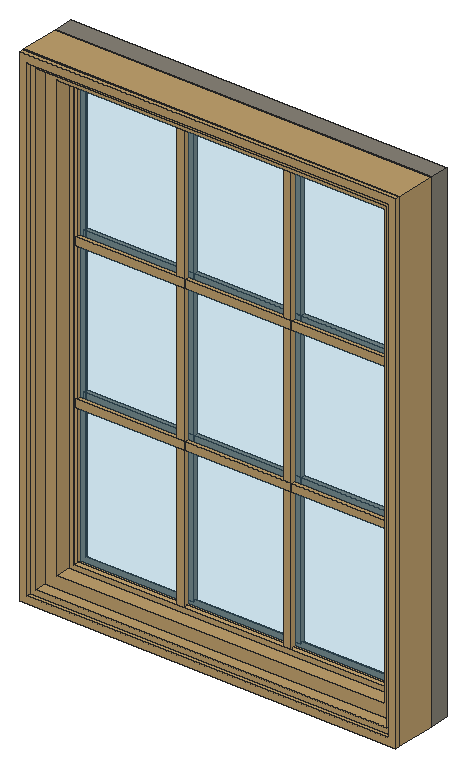
Revit family
Parameters (values of type "CUPCA3648")
  Window Type = "Clad Ultimate Push Out Casement"
  Vent Area = VO Width * VO Height  # 8.42878 SF
  VO Width = if(Width < 1' 8", Width - 0' 9 19/32", Width - 0' 7 7/64")  # 2' - 4 57/64"
  VO Height = Height - 0' 5 29/256"  # 3' - 6 3/256"
  URL = "www.marvin.com"
  Prairie Corner Width = 0' - 4"
  Prairie Corner Height = 0' - 4"
  Plan Swing Angle [instance] = 15.00°
  Swing Width = Width - 0' 2 3/8"  # 2' - 9 5/8"
  Nominal Width = 3' - 0"
  Nominal Height = 4' - 0"
  Muntins Interior Material = Wood-Marvin-Pine
  Muntins Exterior Material = Aluminum-Marvin-Bronze
  Model = "CUPCA3648"
  Manufacturer = "Marvin Windows and Doors"
  Lites Wide Constraint = if(Nominal Width > 1' 4", Lites Wide, if(Lites Wide < 2, 1, 2))  # 3
  Lites Wide = 3
  Lites High Constraint = if(Nominal Height > 1' 4", Lites High, if(Lites High < 2, 1, 2))  # 3
  Lites High = 3
  Lite Cut Prairie 9 Constraint = if(and(Nominal Width > 1' 4", Nominal Height > 1' 4"), Lite Cut Prairie 9, 1 = 0)  # no
  Lite Cut Prairie 9 = no
  Lite Cut HV Grid = not(Lite Cut Prairie 9 Constraint)  # yes
  Label Visibility = no
  Label Egress = if(and(and(VO Width > 1' 8", VO Height > 2' 0"), Vent Area > 5.70 SF), "EGRESS WDW", "")  # "EGRESS WDW"
  Interior Material = Wood-Marvin-Pine
  Glazing Material = Glass-Marvin-IG Low E II with Argon
  Glass Type = "IG Low E II with Argon"
  Frame = "Aluminum Clad"
  Family created by = "www.rbuiltcomponents.com"
  Elev Swing RH Visibility [instance] = yes
  Elev Swing LH Visibility [instance] = no
  Rough Width = Width + 0' 1"  # 3' - 1"
  Rough Height = Height + 0' 0 1/2"  # 3' - 11 5/8"
  Plan Swing RH Visibility [instance] = yes
  Plan Swing LH Visibility [instance] = no
  Muntins Interior Visibility = yes
  Muntins Exterior Visibility = yes
  Jamb Extension Visibility = yes
  Inset to Installation Flange [instance] = 0' - 1"
  Height = Nominal Height - 0' 0 7/8"  # 3' - 11 1/8"
  Egress Window = "Yes"
  Design Pressure = "DP50"
  Description = "3648 CSMT"
  Default Head Height = 8' - 0"
  Wall Closure = (empty or 0)
  Width = Nominal Width  # 3' - 0"
  Daylight Area = DLO Width * DLO Height  # 8.66056 SF
  DLO Width = Width - 0' 5 13/16"  # 2' - 6 3/16"
  DLO Height = Height - 0' 5 13/16"  # 3' - 5 5/16"
  Cladding Material = Aluminum-Marvin-Bronze
  Assembly Code = ""
  Note To User = "All Lite Constraints Apply To Nominal Widths Or Heights < 1 - 6"  # constant formula
Reference planes (in)
  plane 1 "Center (Front/Back)": y = 0
  plane 2: z = 0
  plane 3 "Center (Left/Right)": x = -3
  plane 4 "Left": x = -21
  plane 5 "Right": x = 15
  plane 6 "Sill": z = 48.875
  plane 7 "Top": z = 96
  plane 8 "Inset": y = 2
  plane 9 "Glazing": y = 1.25
  plane 10 "Jamb Ext Face": y = -2.5625
  plane 11: z = 72.4375
  plane 12: y = -2.625
Forms (in)
  Sweep 1, solid, material "Aluminum-Marvin-Bronze" <- "Cladding Material"
    path origin (0, 1.25, 0) x (1, 0, 0) y (0, 0, 1)
      loop
        line (-21, 96) -> (-21, 48.875) -> (15, 48.875) -> (15, 96) -> (-21, 96)
    profile "Profile_Ext_Clad_Frame : Profile_Ext_Clad_Frame" origin (-21, 1.25, 72.4375) x (1, 0, 0) y (0, -1, 0)
      loop
        line (0, 0) -> (0, -1.84401) -> (0.52105, -1.84401) -> (0.62315, -0.38401) -> (2.696, -0.38401) -> (2.696, -0.2654) -> (2.896, -0.0654) -> (2.896, 0) -> (0, 0)
  Sweep 2, solid, material "Wood-Marvin-Pine" <- "Interior Material"
    path origin (0, 1.25, 0) x (1, 0, 0) y (0, 0, 1)
      loop
        line (-21, 96) -> (-21, 48.875) -> (15, 48.875) -> (15, 96) -> (-21, 96)
    profile "Profile_Int_Frame : Profile_Int_Frame" origin (-21, 1.25, 72.4375) x (1, 0, 0) y (0, -1, 0)
      loop
        line (0, 0) -> (2.208, 0) -> (2.208, 0.75299) -> (2.896, 0.75299) -> (2.896, 0.94965) -> (2.7085, 1.13715) -> (2.7085, 1.23699) -> (2.30184, 1.23699) -> (2.30184, 2.71113) -> (1.188, 2.71113) -> (1.188, 3.81199) -> (0, 3.81199) -> (0, 0)
  Extrusion 3, solid, material "Wood-Marvin-Pine" <- "Interior Material", visible <- "Jamb Extension Visibility", detail levels medium+fine
    sketch origin (0, -2.5625, 0) x (1, 0, 0) y (0, 0, 1)
      loop
        line (-21, 96) -> (-21, 48.875) -> (15, 48.875) -> (15, 96) -> (-21, 96)
      loop
        line (-20.3125, 49.5625) -> (14.3125, 49.5625) -> (14.3125, 95.3125) -> (-20.3125, 95.3125) -> (-20.3125, 49.5625)
    from 0.0625 to 0.4375
  Extrusion 4, solid, material "Glass-Marvin-IG Low E II with Argon" <- "Glazing Material"
    sketch origin (0, 1.25, 0) x (1, 0, 0) y (0, 0, 1)
      loop
        line (12.65625, 93.65625) -> (-18.65625, 93.65625) -> (-18.65625, 51.21875) -> (12.65625, 51.21875) -> (12.65625, 93.65625)
    from 0 to 0.125
  Extrusion 5, solid, material "Glass-Marvin-IG Low E II with Argon" <- "Glazing Material"
    sketch origin (0, 1.25, 0) x (1, 0, 0) y (0, 0, 1)
      loop
        line (12.65625, 93.65625) -> (-18.65625, 93.65625) -> (-18.65625, 51.21875) -> (12.65625, 51.21875) -> (12.65625, 93.65625)
    from 0.625 to 0.75
Lines and regions (in)
  Opening 1
    outline origin (-60, -3, 0) x (1, 0, 0) y (0, 0, 1)
      loop
        line (39, 96) -> (39, 48.875) -> (75, 48.875) -> (75, 96) -> (39, 96)
  Masking region 1
    outline origin (0, 0, 48.875) x (0, -1, 0) y (1, 0, 0)
      loop
        line (-3.09401, -21) -> (2.5625, -21) -> (2.5625, 15) -> (-3.09401, 15) -> (-3.09401, -21)
  Masking region 2
    outline origin (-3, 0, 0) x (0, 1, 0) y (0, 0, 1)
      loop
        line (3.09401, 96) -> (-2.5625, 96) -> (-2.5625, 48.875) -> (3.09401, 48.875) -> (3.09401, 96)
  Masking region 3, visible <- "Jamb Extension Visibility"
    outline origin (0, 0, 0) x (1, 0, 0) y (0, 1, 0)
      loop
        line (-21, -2.625) -> (-21, -3) -> (15, -3) -> (15, -2.625) -> (-21, -2.625)
  Masking region 4, visible <- "Jamb Extension Visibility"
    outline origin (-3, 0, 0) x (0, 1, 0) y (0, 0, 1)
      loop
        line (-2.625, 96) -> (-3, 96) -> (-3, 48.875) -> (-2.625, 48.875) -> (-2.625, 96)
  symbolic lines, style "Jamb Extension", visible <- "Jamb Extension Visibility", detail levels fine
    curve 1: line (-21, -3, 48.875) -> (-20.3125, -3, 48.875)
    curve 2: line (-20.3125, -3, 48.875) -> (-20.3125, -2.625, 48.875)
    curve 3: line (15, -3, 48.875) -> (14.3125, -3, 48.875)
    curve 4: line (14.3125, -3, 48.875) -> (14.3125, -2.625, 48.875)
    curve 5: line (-3, -3, 95.3125) -> (-3, -2.625, 95.3125)
    curve 6: line (-3, -3, 49.5625) -> (-3, -2.625, 49.5625)
  symbolic lines, style "WindowsFrameMullionProjection", detail levels coarse+medium
    curve 7: line (15, -2.5625, 0) -> (13.812, -2.5625, 0)
    curve 8: line (13.812, -2.5625, 0) -> (13.812, 3.09401, 0)
    curve 9: line (13.812, 3.09401, 0) -> (15, 3.09401, 0)
    curve 10: line (13.812, 1.63401, 0) -> (12.104, 1.63401, 0)
    curve 11: line (12.104, 1.63401, 0) -> (12.104, 0.01301, 0)
    curve 12: line (-19.812, 0.01301, 0) -> (-18.13337, 0.01301, 0)
    curve 13: line (-21, -2.5625, 0) -> (-19.812, -2.5625, 0)
    curve 14: line (-19.812, -2.5625, 0) -> (-19.812, 3.09401, 0)
    curve 15: line (-19.812, 3.09401, 0) -> (-21, 3.09401, 0)
    curve 16: line (-18.13337, 1.63401, 0) -> (-18.13337, 0.01301, 0)
    curve 17: line (-3, 3.09401, 96) -> (-3, 3.09401, 94.812)
    curve 18: line (-3, 3.09401, 94.812) -> (-3, -2.5625, 94.812)
    curve 19: line (-3, -2.5625, 94.812) -> (-3, -2.5625, 96)
    curve 20: line (-3, 1.63401, 94.812) -> (-3, 1.63401, 93.104)
    curve 21: line (-3, 1.63401, 93.104) -> (-3, 0.00901, 93.104)
    curve 22: line (-3, 0.00901, 50.063) -> (-3, 0.00901, 51.771)
    curve 23: line (-3, 3.09401, 48.875) -> (-3, 3.09401, 50.063)
    curve 24: line (-3, 3.09401, 50.063) -> (-3, -2.5625, 50.063)
    curve 25: line (-3, -2.5625, 50.063) -> (-3, -2.5625, 48.875)
    curve 26: line (-3, 1.63401, 51.771) -> (-3, 0.00901, 51.771)
    curve 29: line (12.104, 1.63401, 0) -> (-18.13337, 1.63401, 0)
    curve 30: line (12.104, 0.01301, 0) -> (13.812, 0.01301, 0)
    curve 31: line (-18.13337, 0.01301, 0) -> (12.104, 0.01301, 0)
    curve 32: line (-18.13337, 1.63401, 0) -> (-19.812, 1.63401, 0)
    curve 33: line (-3, 0.00901, 51.771) -> (-3, 0.00901, 93.104)
    curve 34: line (-3, 1.63401, 51.771) -> (-3, 1.63401, 50.063)
    curve 35: line (-3, 0.00901, 93.104) -> (-3, 0.00901, 94.812)
    curve 36: line (-3, 1.63401, 93.104) -> (-3, 1.63401, 51.771)
  symbolic lines, style "WindowsGlassProjection", detail levels coarse+medium
    curve 27: line (-3, 0.82151, 93.104) -> (-3, 0.82151, 51.771)
    curve 28: line (-18.13337, 0.82351, 0) -> (12.104, 0.82351, 0)
  symbolic lines, style "Elevation Swing", visible <- "Elev Swing LH Visibility"
    curve 37: line (-20.37685, 0, 95.37685) -> (14.37685, 0, 72.4375)
    curve 38: line (14.37685, 0, 72.4375) -> (-20.37685, 0, 49.49815)
  symbolic lines, style "Elevation Swing", visible <- "Elev Swing RH Visibility"
    curve 39: line (14.37685, 0, 95.37685) -> (-20.37685, 0, 72.4375)
    curve 40: line (-20.37685, 0, 72.4375) -> (14.37685, 0, 49.49815)
  symbolic lines, style "WindowsFrameMullionProjection"
    curve 41: line (-3, -2.5625, 50.063) -> (-3, -2.5625, 94.812)
    curve 42: line (-19.812, -2.5625, 48.875) -> (13.812, -2.5625, 48.875)
  symbolic lines, style "WindowsFrameMullionProjection", visible <- "Jamb Extension Visibility", detail levels coarse+medium
    curve 43: line (-20.3125, -2.625, 48.875) -> (-20.3125, -3, 48.875)
    curve 44: line (-20.3125, -3, 48.875) -> (-21, -3, 48.875)
    curve 45: line (14.3125, -2.625, 48.875) -> (14.3125, -3, 48.875)
    curve 46: line (14.3125, -3, 48.875) -> (15, -3, 48.875)
    curve 49: line (-3, -2.625, 95.3125) -> (-3, -3, 95.3125)
    curve 50: line (-3, -3, 95.3125) -> (-3, -3, 96)
    curve 51: line (-3, -2.625, 49.5625) -> (-3, -3, 49.5625)
    curve 52: line (-3, -3, 49.5625) -> (-3, -3, 48.875)
  symbolic lines, style "Jamb Extension", visible <- "Jamb Extension Visibility"
    curve 47: line (-3, -3, 49.5625) -> (-3, -3, 48.875)
    curve 48: line (-3, -3, 95.3125) -> (-3, -3, 96)
  symbolic lines, style "Elevation Swing", visible <- "Plan Swing RH Visibility"
    curve 53: line (-19.812, 1.63401, 0) -> (12.66726, 10.3368, 0)
    curve 54: arc (13.812, 1.63401, 0) -> (13.52459, 6.02289, 0) -> (12.66726, 10.3368, 0) r 33.65337
  symbolic lines, style "Elevation Swing", visible <- "Plan Swing LH Visibility"
    curve 55: line (13.812, 1.63401, 0) -> (-18.66726, 10.3368, 0)
    curve 56: arc (-19.812, 1.63401, 0) -> (-19.52459, 6.02289, 0) -> (-18.66726, 10.3368, 0) r 33.65337
Text (in)
  text "EXTERIOR" at (-58.6888, 50.90694, 0), in view "Ref. Level"
  text "INTERIOR" at (-58.6888, -37.76638, 0), in view "Ref. Level"
  text "Exterior" at (0, 43.65631, 123.19604), in view "Left"
  text "Exterior" at (0, 18.29385, 125.04747), in view "Right"
Dimensions and locks (in)
  equal spacing: plane 4 "Left", plane 3 "Center (Left/Right)", plane 5 "Right"
  "Width": plane 4 "Left" to plane 5 "Right"
  "Height": plane 6 "Sill" to plane 7 "Top"
  "Inset to Installation Flange": host wall to plane 8 "Inset"
  locked: plane 9 "Glazing" to plane 8 "Inset" at 0.75
  locked: plane 10 "Jamb Ext Face" to plane 8 "Inset" at 4.5625
  locked: Extrusion 4 sketch curve to plane 5 "Right" at 2.34375
  locked: plane 4 "Left" to Extrusion 4 sketch curve at 2.34375
  locked: Extrusion 4 sketch curve to plane 7 "Top" at 2.34375
  locked: plane 6 "Sill" to Extrusion 4 sketch curve at 2.34375
  plane 8 "Inset" to curve 20 to curve 35 = 0' - 0.36599", 0' - 1 5/8"
  equal spacing: curve 30, curve 10, plane 8 "Inset"
  locked: nested 3 to plane 9 "Glazing" at 0.75
  equal spacing: plane 6 "Sill", plane 11, plane 7 "Top"
  "Default Head Height": plane 2 to plane 7 "Top"
  locked: Extrusion 3 sketch curve to Extrusion 3 sketch curve at 0.6875  (x2)
  locked: Sweep 2 to Extrusion 3 sketch curve at 0.6875
  locked: plane 7 "Top" to Extrusion 3 sketch curve at 0.6875
  locked: nested 5 to host wall at 12.00106
  locked: Extrusion 5 sketch curve to plane 7 "Top" at 2.34375
  locked: Extrusion 5 sketch curve to plane 5 "Right" at 2.34375
  locked: plane 6 "Sill" to Extrusion 5 sketch curve at 2.34375
  locked: plane 4 "Left" to Extrusion 5 sketch curve at 2.34375
  locked: plane 9 "Glazing" to Extrusion 4 at 0.125
  locked: plane 9 "Glazing" to Extrusion 5 at 0.625
  locked: plane 9 "Glazing" to Extrusion 5 at 0.75
  locked: Extrusion 5 to Extrusion 5 at 0.125
  "Swing Width": curve 56 to curve 55
  "Swing Width": curve 54 to curve 53
  locked: plane 12 to plane 10 "Jamb Ext Face" at 0.0625
  "Plan Swing Angle": angle curve 32 to curve 53
  "Plan Swing Angle": angle curve 55 to curve 10
  aligned and locked: plane 7 "Top" to Opening 1 sketch curve
  aligned and locked: plane 6 "Sill" to Opening 1 sketch curve  (x2)
  aligned and locked: plane 5 "Right" to Opening 1 sketch curve
  aligned and locked: plane 4 "Left" to Opening 1 sketch curve
  aligned and locked: nested 1 to plane 3 "Center (Left/Right)"
  aligned and locked: plane 8 "Inset" to nested 1
  aligned and locked: host wall to curve 1
  aligned and locked: curve 3 to host wall
  aligned and locked: plane 7 "Top" to Sweep 1 sketch curve
  aligned and locked: Sweep 1 sketch curve to plane 6 "Sill"
  aligned and locked: plane 5 "Right" to Sweep 1 sketch curve
  aligned and locked: Sweep 1 sketch curve to plane 4 "Left"
  aligned and locked: Sweep 2 sketch curve to plane 4 "Left"
  aligned and locked: plane 5 "Right" to Sweep 2 sketch curve
  aligned and locked: plane 7 "Top" to Sweep 2 sketch curve
  aligned and locked: Sweep 2 sketch curve to plane 6 "Sill"
  aligned and locked: plane 6 "Sill" to nested 2
  aligned and locked: plane 8 "Inset" to nested 2
  aligned and locked: Extrusion 3 sketch curve to plane 6 "Sill"
  aligned and locked: plane 5 "Right" to Extrusion 3 sketch curve
  aligned and locked: plane 11 to nested 3
  aligned and locked: plane 9 "Glazing" to nested 4
  aligned and locked: nested 4 to plane 11
  aligned and locked: nested 4 to plane 3 "Center (Left/Right)"
  aligned and locked: plane 3 "Center (Left/Right)" to nested 3
  aligned and locked: plane 5 "Right" to Masking region 1 sketch curve
  aligned and locked: Masking region 1 sketch curve to plane 4 "Left"
  aligned and locked: Masking region 1 sketch curve to Sweep 1
  aligned and locked: Masking region 2 sketch curve to Sweep 1
  aligned and locked: plane 7 "Top" to Masking region 2 sketch curve
  aligned and locked: Masking region 2 sketch curve to plane 6 "Sill"
  aligned and locked: host wall to Extrusion 3
  aligned and locked: Sweep 1 to curve 15
  aligned and locked: curve 9 to Sweep 1
  aligned and locked: curve 23 to Sweep 1
  aligned and locked: curve 17 to Sweep 1
  aligned and locked: plane 3 "Center (Left/Right)" to nested 5
  aligned and locked: Extrusion 3 sketch curve to plane 4 "Left"
  aligned and locked: plane 7 "Top" to Extrusion 3 sketch curve
  aligned and locked: curve 5 to Extrusion 3
  aligned and locked: curve 2 to Extrusion 3
  aligned and locked: curve 4 to Extrusion 3
  aligned and locked: plane 10 "Jamb Ext Face" to curve 13
  aligned and locked: curve 7 to plane 10 "Jamb Ext Face"
  aligned and locked: curve 42 to curve 14
  aligned and locked: curve 42 to curve 8
  aligned and locked: plane 10 "Jamb Ext Face" to curve 42
  aligned and locked: plane 4 "Left" to curve 44
  aligned and locked: curve 43 to Extrusion 3
  aligned and locked: curve 44 to host wall
  aligned and locked: plane 5 "Right" to curve 46
  aligned and locked: Extrusion 3 to curve 45
  aligned and locked: host wall to curve 46
  aligned and locked: curve 25 to plane 10 "Jamb Ext Face"
  aligned and locked: curve 24 to curve 41
  aligned and locked: plane 6 "Sill" to curve 47
  aligned and locked: curve 47 to Extrusion 3
  aligned and locked: curve 47 to host wall
  aligned and locked: plane 10 "Jamb Ext Face" to curve 19
  aligned and locked: plane 7 "Top" to curve 48
  aligned and locked: plane 7 "Top" to curve 50
  aligned and locked: host wall to curve 50
  aligned and locked: Extrusion 3 to curve 49
  aligned and locked: plane 6 "Sill" to curve 52
  aligned and locked: curve 51 to Extrusion 3
  aligned and locked: Sweep 2 to curve 41
  aligned and locked: Extrusion 4 to plane 9 "Glazing"
  aligned and locked: Sweep 1 to curve 53
  aligned and locked: curve 14 to curve 53
  aligned and locked: Sweep 1 to curve 10
  aligned and locked: Sweep 1 to curve 32
  aligned and locked: curve 12 to Sweep 2
  aligned and locked: Sweep 2 to curve 30
  aligned and locked: curve 8 to curve 55
  aligned and locked: curve 8 to nested 1
  aligned and locked: curve 14 to Sweep 2
  aligned and locked: Extrusion 3 to plane 12
  aligned and locked: plane 12 to curve 2
  aligned and locked: plane 12 to curve 43
  aligned and locked: plane 12 to curve 4
  aligned and locked: plane 12 to curve 45
  aligned and locked: plane 12 to curve 5
  aligned and locked: plane 12 to curve 49
  aligned and locked: plane 12 to curve 6
  aligned and locked: plane 12 to curve 51
  aligned and locked: plane 12 to Masking region 3 sketch curve
  aligned and locked: Masking region 3 sketch curve to host wall
  aligned and locked: Masking region 3 sketch curve to plane 4 "Left"
  aligned and locked: plane 5 "Right" to Masking region 3 sketch curve
  aligned and locked: plane 12 to Masking region 4 sketch curve
  aligned and locked: Masking region 4 sketch curve to host wall
  aligned and locked: plane 7 "Top" to Masking region 4 sketch curve
  aligned and locked: Masking region 4 sketch curve to plane 6 "Sill"
  aligned and locked: Masking region 1 sketch curve to plane 10 "Jamb Ext Face"
  aligned and locked: Masking region 2 sketch curve to plane 10 "Jamb Ext Face"
  aligned and locked: curve 38 to Sweep 1
  aligned and locked: Sweep 1 to curve 38
  aligned and locked: curve 40 to Sweep 1
  aligned and locked: Sweep 1 to curve 40
  aligned and locked: Sweep 1 to curve 39
  aligned and locked: Sweep 1 to curve 37
Automatic sketch dimensions
  curve 13 to plane 4 "Left" = 0' - 0"
  curve 15 to plane 4 "Left" = 0' - 0"
  curve 7 to plane 5 "Right" = 0' - 0"
  curve 9 to plane 5 "Right" = 0' - 0"
  plane 9 "Glazing" to curve 28 = 0' - 0.42649"
  curve 54 to curve 28 = 0' - 1.708"
  curve 11 to curve 30 = 0' - 1.708"
  curve 1 to plane 4 "Left" = 0' - 0"
  curve 3 to plane 5 "Right" = 0' - 0"
  curve 25 to plane 6 "Sill" = 0' - 0"
  curve 23 to plane 6 "Sill" = 0' - 0"
  curve 17 to plane 7 "Top" = 0' - 0"
  curve 19 to plane 7 "Top" = 0' - 0"
  plane 9 "Glazing" to curve 27 = 0' - 0.42849"
  curve 6 to curve 25 = 0' - 0.5005"
  curve 22 to curve 26 = 0' - 1.708"
  curve 36 to curve 20 = 0' - 1.708"
  curve 38 to plane 11 = 0' - 0"
  curve 40 to plane 11 = 0' - 0"
  curve 40 to plane 6 "Sill" = 0' - 0.62315"
  curve 38 to plane 6 "Sill" = 0' - 0.62315"
  plane 7 "Top" to curve 39 = 0' - 0.62315"
  plane 7 "Top" to curve 37 = 0' - 0.62315"
Nested families (in)
  nested 1: "Casement_Plan_Detail" at (-3, 2, 48.875) x (-1, 0, 0) z (0, 0, -1), type "Casement_Plan_Detail", detail levels fine
  nested 2: "Casement_Section_Detail" at (-3, 2, 96) x (0, -1, 0) z (1, 0, 0), type "Casement_Section_Detail", detail levels fine
  nested 3: "Muntins" at (-3, 0.5, 15.78125), visible <- "Muntins Interior Visibility", Muntin Material <- "Muntins Interior Material", type "Muntins"
    with Muntin Material Wood-Marvin-Pine, GlazingWidth 2' - 6 3/16", GlazingHeight 3' - 5 5/16", Width 2' - 6 5/8", Height 3' - 5 3/4", Inset Vert 0' - 9.83333", Inset Horiz 1' - 1.54167"
  nested 4: "Muntins" at (-3, 1.25, 15.78125), visible <- "Muntins Exterior Visibility", Muntin Material <- "Muntins Exterior Material", type "Muntins"
    with Muntin Material Aluminum-Marvin-Bronze, GlazingWidth 2' - 6 3/16", GlazingHeight 3' - 5 5/16", Width 2' - 6 5/8", Height 3' - 5 3/4", Inset Vert 0' - 9.83333", Inset Horiz 1' - 1.54167"
  nested 5: "Label Annotation 1-16 w" at (-3, 15.00106, 0), visible <- "Label Visibility", type "Label Annotation 1-16 w"
Definition of nested family "Muntins"
  Parameters (values of type "Muntins")
    PrairieMuntVisible = no
    Prairie Corner Width = 0' - 4"
    Prairie Corner Height = 0' - 4"
    Muntin Extension = 0' - 0 7/16"
    GridMuntVisible = yes
    GlazingWidth = 2' - 0"
    GlazingHeight = 2' - 11 1/8"
    Width = GlazingWidth + Muntin Extension  # 2' - 0 7/16"
    VerticalMuntins = if(LitesHorizontal < 3, 2, LitesHorizontal - 1)  # 2
    VertMuntVisible = and(GridMuntVisible, LitesHorizontal > 2)  # yes
    MuntinWidth = 0' - 0 3/4"
    MuntinDepth [instance] = 0' - 0 3/8"
    Muntin Material [instance] = none
    LitesVertical = 3
    LitesHorizontal = 3
    HorizontalMuntins = if(LitesVertical < 3, 2, LitesVertical - 1)  # 2
    HorizMuntVisible = and(GridMuntVisible, LitesVertical > 2)  # yes
    Height = GlazingHeight + Muntin Extension  # 2' - 11 9/16"
    Inset Vert = if(LitesHorizontal < 3, (Width / 3) - (MuntinWidth / 2), (Width / LitesHorizontal) - (MuntinWidth / 2))  # 0' - 7.77083"
    Inset Horiz = if(LitesVertical < 3, (Height / 3) - (MuntinWidth / 2), (Height / LitesVertical) - (MuntinWidth / 2))  # 0' - 11.47917"
    CenterMuntinVertical = and(GridMuntVisible, LitesHorizontal = 2)  # no
    CenterMuntinHorizontal = and(GridMuntVisible, LitesVertical = 2)  # no
    Assembly Code = ""
  Reference planes (in)
    plane 1 "Center (Front/Back)": y = 0
    plane 2: z = 0
    plane 3 "Center (Left/Right)": x = 0
    plane 4: z = 35.78125
    plane 5: z = 53.5625
    plane 6: z = 71.34375
    plane 7: z = 59.86458
    plane 8: z = 47.26042
    plane 9: z = 71.125
    plane 10: z = 36
    plane 11: x = -12
    plane 12: x = 12
    plane 13: x = -4.44792
    plane 14: x = -12.21875
    plane 15: x = 12.21875
    plane 16: x = 4.44792
    plane 17: z = 67.125
    plane 18: z = 40
    plane 19: x = -8
    plane 20: x = 8
  Forms (in)
    Extrusion 1, solid, material <- "Muntin Material", visible <- "CenterMuntinVertical", detail levels medium+fine
      sketch origin (9, 0, 0) x (1, 0, 0) y (0, 0, 1)
        loop
          line (-9.375, 71.34375) -> (-9.375, 35.78125) -> (-8.625, 35.78125) -> (-8.625, 71.34375) -> (-9.375, 71.34375)
      from 0 to 0.375 <- "MuntinDepth"
    Extrusion 2, solid, material <- "Muntin Material", visible <- "CenterMuntinHorizontal", detail levels medium+fine
      sketch origin (-0.0013, 0, 14.6875) x (1, 0, 0) y (0, 0, 1)
        loop
          line (-12.21745, 39.25) -> (-12.21745, 38.5) -> (12.22005, 38.5) -> (12.22005, 39.25) -> (-12.21745, 39.25)
      from 0 to 0.375 <- "MuntinDepth"
    Extrusion 3, solid, material <- "Muntin Material", visible <- "VertMuntVisible", detail levels medium+fine
      sketch origin (4.92708, 0, -2.90625) x (1, 0, 0) y (0, 0, 1)
        loop
          line (-9.375, 74.25) -> (-9.375, 38.6875) -> (-8.625, 38.6875) -> (-8.625, 74.25) -> (-9.375, 74.25)
      from 0 to 0.375 <- "MuntinDepth"
    Extrusion 4, solid, material <- "Muntin Material", visible <- "HorizMuntVisible", detail levels medium+fine
      sketch origin (-3.09635, 0, 14.17708) x (1, 0, 0) y (0, 0, 1)
        loop
          line (-9.1224, 45.6875) -> (-9.1224, 44.9375) -> (15.3151, 44.9375) -> (15.3151, 45.6875) -> (-9.1224, 45.6875)
      from 0 to 0.375 <- "MuntinDepth"
    Extrusion 5, solid, material <- "Muntin Material", visible <- "HorizMuntVisible", detail levels medium+fine
      sketch origin (-3.09635, 0, 2.32292) x (1, 0, 0) y (0, 0, 1)
        loop
          line (-9.1224, 45.6875) -> (-9.1224, 44.9375) -> (15.3151, 44.9375) -> (15.3151, 45.6875) -> (-9.1224, 45.6875)
      from 0 to 0.375 <- "MuntinDepth"
    Extrusion 6, solid, material <- "Muntin Material", visible <- "VertMuntVisible", detail levels medium+fine
      sketch origin (13.07292, 0, -2.90625) x (1, 0, 0) y (0, 0, 1)
        loop
          line (-9.375, 74.25) -> (-9.375, 38.6875) -> (-8.625, 38.6875) -> (-8.625, 74.25) -> (-9.375, 74.25)
      from 0 to 0.375 <- "MuntinDepth"
    Extrusion 7, solid, material <- "Muntin Material", visible <- "PrairieMuntVisible", detail levels medium+fine
      sketch origin (1, 0, 0) x (1, 0, 0) y (0, 0, 1)
        loop
          line (-9, 71.34375) -> (-9, 35.78125) -> (-8.25, 35.78125) -> (-8.25, 71.34375) -> (-9, 71.34375)
      from 0 to 0.375 <- "MuntinDepth"
    Extrusion 8, solid, material <- "Muntin Material", visible <- "PrairieMuntVisible", detail levels medium+fine
      sketch origin (17, 0, 0) x (1, 0, 0) y (0, 0, 1)
        loop
          line (-9.75, 71.34375) -> (-9.75, 35.78125) -> (-9, 35.78125) -> (-9, 71.34375) -> (-9.75, 71.34375)
      from 0 to 0.375 <- "MuntinDepth"
    Extrusion 9, solid, material <- "Muntin Material", visible <- "PrairieMuntVisible", detail levels medium+fine
      sketch origin (-0.0013, 0, 28.25) x (1, 0, 0) y (0, 0, 1)
        loop
          line (-12.21745, 38.875) -> (-12.21745, 38.125) -> (12.22005, 38.125) -> (12.22005, 38.875) -> (-12.21745, 38.875)
      from 0 to 0.375 <- "MuntinDepth"
    Extrusion 10, solid, material <- "Muntin Material", visible <- "PrairieMuntVisible", detail levels medium+fine
      sketch origin (-0.0013, 0, 1.125) x (1, 0, 0) y (0, 0, 1)
        loop
          line (-12.21745, 39.625) -> (-12.21745, 38.875) -> (12.22005, 38.875) -> (12.22005, 39.625) -> (-12.21745, 39.625)
      from 0 to 0.375 <- "MuntinDepth"
  Cuts and joins
    joined: Extrusion 7, Extrusion 8, Extrusion 9, Extrusion 10
  Lines and regions (in)
    model lines, style "Muntins", visible <- "CenterMuntinHorizontal", detail levels coarse
      curve 1: line (-12.21875, 0, 53.5625) -> (12.21875, 0, 53.5625)
    model lines, style "Muntins", visible <- "HorizMuntVisible", detail levels coarse
      curve 2: line (-12.21875, 0, 59.48958) -> (12.21875, 0, 59.48958)
      curve 3: line (-12.21875, 0, 47.63542) -> (12.21875, 0, 47.63542)
    model lines, style "Muntins", visible <- "CenterMuntinVertical", detail levels coarse
      curve 4: line (0, 0, 71.34375) -> (0, 0, 35.78125)
    model lines, style "Muntins", visible <- "VertMuntVisible", detail levels coarse
      curve 5: line (-4.07292, 0, 71.34375) -> (-4.07292, 0, 35.78125)
      curve 6: line (4.07292, 0, 71.34375) -> (4.07292, 0, 35.78125)
    model lines, style "Muntins", visible <- "PrairieMuntVisible", detail levels coarse
      curve 7: line (-12.21875, 0, 66.75) -> (12.21875, 0, 66.75)
      curve 8: line (-12.21875, 0, 40.375) -> (12.21875, 0, 40.375)
      curve 9: line (-7.625, 0, 35.78125) -> (-7.625, 0, 71.34375)
      curve 10: line (7.625, 0, 35.78125) -> (7.625, 0, 71.34375)
  Dimensions and locks (in)
    "Inset Horiz": plane 6 to plane 7
    "Inset Horiz": plane 8 to plane 4
    equal spacing: plane 6, plane 5, plane 4
    "Height": plane 6 to plane 4
    "GlazingHeight": plane 9 to plane 10
    equal spacing: plane 9, plane 5, plane 10
    "GlazingWidth": plane 12 to plane 11
    equal spacing: plane 12, plane 3 "Center (Left/Right)", plane 11
    "MuntinWidth": Extrusion 1 sketch curve to Extrusion 1 sketch curve
    "Height": Extrusion 1 sketch curve to Extrusion 1 sketch curve
    "MuntinWidth": Extrusion 2 sketch curve to Extrusion 2 sketch curve
    "Width": Extrusion 2 sketch curve to Extrusion 2 sketch curve
    "MuntinWidth": Extrusion 3 sketch curve to Extrusion 3 sketch curve
    "Height": Extrusion 3 sketch curve to Extrusion 3 sketch curve
    "Width": plane 15 to plane 14
    equal spacing: plane 15, plane 3 "Center (Left/Right)", plane 14
    "Inset Vert": plane 13 to plane 14
    "Inset Vert": plane 15 to plane 16
    "MuntinWidth": Extrusion 4 sketch curve to Extrusion 4 sketch curve
    "Width": Extrusion 4 sketch curve to Extrusion 4 sketch curve
    "MuntinWidth": Extrusion 5 sketch curve to Extrusion 5 sketch curve
    "Width": Extrusion 5 sketch curve to Extrusion 5 sketch curve
    group 2 to group 3 = 0' - 0"  (x2)
    group 3 to group 2 = 0' - 11.85417"
    "MuntinWidth": Extrusion 6 sketch curve to Extrusion 6 sketch curve
    "Height": Extrusion 6 sketch curve to Extrusion 6 sketch curve
    group 4 to group 5 = 0' - 8.14583"
    group 4 to group 5 = 0' - 0"  (x2)
    "Prairie Corner Width": plane 19 to plane 11
    "Prairie Corner Width": plane 20 to plane 12
    "Prairie Corner Height": plane 9 to plane 17
    "Prairie Corner Height": plane 18 to plane 10
    "MuntinWidth": Extrusion 7 sketch curve to Extrusion 7 sketch curve
    "Height": Extrusion 7 sketch curve to Extrusion 7 sketch curve
    "MuntinWidth": Extrusion 8 sketch curve to Extrusion 8 sketch curve
    "Height": Extrusion 8 sketch curve to Extrusion 8 sketch curve
    "MuntinWidth": Extrusion 9 sketch curve to Extrusion 9 sketch curve
    "Width": Extrusion 9 sketch curve to Extrusion 9 sketch curve
    "MuntinWidth": Extrusion 10 sketch curve to Extrusion 10 sketch curve
    "Width": Extrusion 10 sketch curve to Extrusion 10 sketch curve
    aligned and locked: plane 6 to Extrusion 1  (x2)
    aligned and locked: Extrusion 1 to plane 4  (x3)
    aligned and locked: Extrusion 3 to plane 13  (x5)
    aligned and locked: Extrusion 3 to plane 4  (x3)
    aligned and locked: Extrusion 2 to plane 14
    aligned and locked: plane 15 to Extrusion 2
    aligned and locked: plane 6 to Extrusion 3
    aligned and locked: plane 7 to Extrusion 4
    aligned and locked: Extrusion 4 to plane 14
    aligned and locked: plane 15 to Extrusion 4
    aligned and locked: curve 1 to plane 5
    aligned and locked: plane 14 to curve 1
    aligned and locked: plane 15 to curve 1
    aligned and locked: Extrusion 5 to plane 14
    aligned and locked: Extrusion 5 to plane 8
    aligned and locked: plane 15 to Extrusion 5
    aligned and locked: Extrusion 5 to curve 3  (x2)
    aligned and locked: Extrusion 4 to curve 2  (x2)
    aligned and locked: curve 4 to plane 3 "Center (Left/Right)"
    aligned and locked: Extrusion 1 to curve 4  (x2)
    aligned and locked: Extrusion 3 to curve 5  (x2)
    aligned and locked: Extrusion 6 to curve 6  (x2)
    aligned and locked: Extrusion 6 to plane 16
    aligned and locked: plane 6 to Extrusion 6
    aligned and locked: plane 6 to curve 6
    aligned and locked: Extrusion 6 to plane 4
    aligned and locked: plane 4 to curve 6
    aligned and locked: cut or joined group of Extrusion 7, Extrusion 8, Extrusion 9, Extrusion 10 to plane 19
    aligned and locked: plane 20 to cut or joined group of Extrusion 7, Extrusion 8, Extrusion 9, Extrusion 10
    aligned and locked: plane 17 to cut or joined group of Extrusion 7, Extrusion 8, Extrusion 9, Extrusion 10
    aligned and locked: cut or joined group of Extrusion 7, Extrusion 8, Extrusion 9, Extrusion 10 to plane 18
    aligned and locked: cut or joined group of Extrusion 7, Extrusion 8, Extrusion 9, Extrusion 10 to curve 7  (x2)
    aligned and locked: cut or joined group of Extrusion 7, Extrusion 8, Extrusion 9, Extrusion 10 to curve 8  (x2)
    aligned and locked: cut or joined group of Extrusion 7, Extrusion 8, Extrusion 9, Extrusion 10 to curve 9  (x2)
    aligned and locked: cut or joined group of Extrusion 7, Extrusion 8, Extrusion 9, Extrusion 10 to curve 10  (x2)
  Automatic sketch dimensions
    Extrusion 1 sketch curve to plane 4 = 0' - 0"
    Extrusion 1 sketch curve to plane 3 "Center (Left/Right)" = 0' - 0 3/8"
    Extrusion 2 sketch curve to plane 14 = 0' - 0"
    Extrusion 2 sketch curve to plane 5 = 0' - 0 3/8"
    Extrusion 7 sketch curve to plane 4 = 0' - 0"
    Extrusion 7 sketch curve to plane 19 = 0' - 0"
    Extrusion 8 sketch curve to plane 4 = 0' - 0"
    Extrusion 8 sketch curve to plane 20 = 0' - 0 3/4"
    Extrusion 9 sketch curve to plane 14 = 0' - 0"
    Extrusion 9 sketch curve to plane 17 = 0' - 0 3/4"
    Extrusion 10 sketch curve to plane 14 = 0' - 0"
    Extrusion 10 sketch curve to plane 18 = 0' - 0"
    plane 19 to curve 9 = 0' - 0 3/8"
    curve 10 to plane 20 = 0' - 0 3/8"
    plane 18 to curve 8 = 0' - 0 3/8"
    curve 7 to plane 17 = 0' - 0 3/8"
Definition of nested family "Casement_Plan_Detail"
  Parameters (values of type "Casement_Plan_Detail")
    Width = 3' - 0"
    Assembly Code = ""
  Reference planes (in)
    plane 1 "Center (Front/Back)": y = 0
    plane 2: z = 0
    plane 3 "Center (Left/Right)": x = 0
    plane 4: x = -18
    plane 5: x = 18
  Lines and regions (in)
    detail lines, style "Cut Lines", in view "Ref. Level"
      curve 1: line (-15.647, -0.74875, 0) -> (15.647, -0.74875, 0)
      curve 2: line (-15.647, -0.86675, 0) -> (15.647, -0.86675, 0)
      curve 3: line (-15.647, -1.38075, 0) -> (15.647, -1.38075, 0)
      curve 4: line (-15.647, -1.49875, 0) -> (15.647, -1.49875, 0)
    detail lines, style "DetailComponentsHiddenLines", in view "Ref. Level"
      curve 5: line (-14.92484, -2.36899, 0) -> (14.96084, -2.36899, 0)
  Dimensions and locks (in)
    equal spacing: plane 4, plane 3 "Center (Left/Right)", plane 5
    "Width": plane 4 to plane 5
    aligned and locked: plane 1 "Center (Front/Back)" to nested 1
    aligned and locked: nested 1 to plane 4
    aligned and locked: plane 5 to nested 2
    aligned and locked: nested 2 to plane 1 "Center (Front/Back)"
    aligned and locked: nested 2 to nested 2
    aligned and locked: nested 1 to curve 5
  Automatic sketch dimensions
    plane 1 "Center (Front/Back)" to curve 1 = 0' - 0.74875"
    curve 2 to curve 1 = 0' - 0"
    curve 4 to curve 2 = 0' - 0"
    curve 3 to curve 4 = 0' - 0"  (x2)
    curve 4 to curve 5 = 0' - 0.72216"
    plane 5 to curve 5 = 0' - 3.03916"
    curve 5 to curve 4 = 0' - 0.68616"
    curve 2 to curve 4 = 0' - 0"
    curve 1 to curve 2 = 0' - 0"
    curve 2 to curve 1 = 0' - 0.118"
    curve 3 to curve 2 = 0' - 0.514"
    curve 4 to curve 3 = 0' - 0.118"
    curve 5 to curve 4 = 0' - 0.87024"
  Nested families (in)
    nested 1: "Jamb_Detail" at (-18, 0, 0), type "Jamb_Detail", in view "Ref. Level"
    nested 2: "Jamb_Detail" at (18, 0, 0) x (-1, 0, 0) z (0, 0, 1), type "Jamb_Detail", in view "Ref. Level"
  Definition of nested family "Jamb_Detail"
    Parameters (values of type "Jamb_Detail")
      Assembly Code = ""
    Reference planes (in)
      plane 1 "Center (Front/Back)": y = 0
      plane 2: z = 0
      plane 3 "Center (Left/Right)": x = 0
    Lines and regions (in)
      detail lines, style "Cut Lines", in view "Ref. Level"
        curve 1: line (0, 4.56199, 0) -> (1.188, 4.56199, 0)
        curve 2: line (0, -1.09401, 0) -> (0, 4.56199, 0)
        curve 3: line (1.188, 4.56199, 0) -> (1.188, 0.76198, 0)
        curve 4: line (0.52105, -1.09401, 0) -> (0, -1.09401, 0)
        curve 5: line (0.637, 0.56409, 0) -> (0.52105, -1.09401, 0)
        curve 6: line (0.637, 0.56409, 0) -> (0.637, 1.98699, 0)
        curve 7: line (-1.5, 0, 0) -> (-0.15, 0, 0)
        curve 8: line (0, -0.04501, 0) -> (-1.5, -0.04501, 0)
        curve 9: line (-1.5, -0.04501, 0) -> (-1.5, 0, 0)
        curve 10: line (-0.15, 0.10999, 0) -> (0, 0.10999, 0)
        curve 11: line (-0.15, 0, 0) -> (-0.15, 0.10999, 0)
        curve 12: line (1.188, 3.46342, 0) -> (2.115, 3.46342, 0)
        curve 13: line (2.115, 3.46342, 0) -> (2.115, 2.86577, 0)
        curve 14: line (2.30184, 2.86577, 0) -> (2.30184, 2.34399, 0)
        curve 15: line (2.489, 2.34399, 0) -> (2.489, 1.98699, 0)
        curve 16: line (2.115, 2.86577, 0) -> (2.30184, 2.86577, 0)
        curve 17: line (0.805, 0.76198, 0) -> (1.188, 0.76198, 0)
        curve 18: line (0.805, 0.36599, 0) -> (0.805, 0.76198, 0)
        curve 19: line (2.696, 0.36599, 0) -> (0.805, 0.36599, 0)
        curve 20: line (2.696, 0.4846, 0) -> (2.696, 0.36599, 0)
        curve 21: line (2.896, 0.6846, 0) -> (2.696, 0.4846, 0)
        curve 22: line (2.208, 0.71396, 0) -> (2.896, 0.71396, 0)
        curve 23: line (2.208, 1.50299, 0) -> (2.208, 0.71396, 0)
        curve 24: line (2.896, 1.50299, 0) -> (2.208, 1.50299, 0)
        curve 25: line (2.896, 1.67399, 0) -> (2.896, 1.50299, 0)
        curve 26: line (2.677, 1.98699, 0) -> (2.677, 1.89299, 0)
        curve 27: line (0.637, 1.98699, 0) -> (2.677, 1.98699, 0)
        curve 28: line (2.896, 0.71396, 0) -> (2.896, 0.6846, 0)
        curve 29: line (2.677, 1.89299, 0) -> (2.896, 1.67399, 0)
        curve 30: line (2.30184, 2.71899, 0) -> (2.98516, 2.71899, 0)
        curve 31: line (2.88116, 2.34399, 0) -> (2.30184, 2.34399, 0)
        curve 32: line (2.88116, 2.57074, 0) -> (2.88116, 2.34399, 0)
        curve 33: line (3.00316, 2.57074, 0) -> (2.88116, 2.57074, 0)
        curve 34: line (3.07516, 2.61899, 0) -> (3.07516, 2.36799, 0)
        curve 35: line (3.00316, 2.36799, 0) -> (3.00316, 2.57074, 0)
        curve 36: line (3.00316, 2.36799, 0) -> (3.07516, 2.36799, 0)
        curve 37: line (2.98516, 2.71899, 0) -> (2.98516, 2.61899, 0)
        curve 38: line (2.98516, 2.61899, 0) -> (3.07516, 2.61899, 0)
        curve 39: line (2.353, 1.38075, 0) -> (2.353, 1.49875, 0)
        curve 40: line (2.478, 0.86675, 0) -> (2.478, 1.38075, 0)
        curve 41: line (2.728, 0.87375, 0) -> (2.728, 1.37375, 0)
        curve 42: line (2.353, 0.74875, 0) -> (2.353, 0.86675, 0)
Definition of nested family "Casement_Section_Detail"
  Parameters (values of type "Casement_Section_Detail")
    Height = 3' - 11 1/8"
    Assembly Code = ""
  Reference planes (in)
    plane 1 "Center (Front/Back)": y = 0
    plane 2: z = 0
    plane 3 "Center (Left/Right)": x = 0
    plane 4: y = 47.125
  Lines and regions (in)
    detail lines, style "Cut Lines", in view "Ref. Level"
      curve 1: line (0.74625, 44.77203, 0) -> (0.74625, 2.35297, 0)
      curve 2: line (0.86425, 44.77203, 0) -> (0.86425, 2.35297, 0)
      curve 3: line (1.37825, 44.77203, 0) -> (1.37825, 2.35297, 0)
      curve 4: line (1.49625, 44.77203, 0) -> (1.49625, 2.35297, 0)
    detail lines, style "DetailComponentsHiddenLines", in view "Ref. Level"
      curve 5: line (2.36799, 3.28429, 0) -> (2.36799, 44.04984, 0)
  Dimensions and locks (in)
    "Height": plane 4 to plane 1 "Center (Front/Back)"
    aligned and locked: plane 1 "Center (Front/Back)" to nested 1
    aligned and locked: plane 3 "Center (Left/Right)" to nested 1
    aligned and locked: nested 2 to plane 4
    aligned and locked: plane 3 "Center (Left/Right)" to nested 2
    aligned and locked: nested 1 to curve 5  (x2)
    aligned and locked: nested 2 to curve 5
  Automatic sketch dimensions
    plane 3 "Center (Left/Right)" to curve 1 = 0' - 0.74625"
    curve 1 to curve 2 = 0' - 0.118"
    curve 2 to curve 3 = 0' - 0.514"
    curve 3 to curve 4 = 0' - 0.118"
    curve 3 to curve 5 = 0' - 0.93132"
    curve 2 to curve 3 = 0' - 0"  (x2)
    curve 4 to curve 3 = 0' - 0"  (x2)
    curve 1 to curve 2 = 0' - 0"  (x2)
    curve 5 to curve 3 = 0' - 0.72219"
  Nested families (in)
    nested 1: "Sill_Detail" at (0, 0, 0), type "Sill_Detail", in view "Ref. Level"
    nested 2: "Head_Detail" at (0, 47.125, 0), type "Head_Detail", in view "Ref. Level"
  Definition of nested family "Sill_Detail"
    Parameters (values of type "Sill_Detail")
      Assembly Code = ""
    Reference planes (in)
      plane 1 "Center (Front/Back)": y = 0
      plane 2: z = 0
      plane 3 "Center (Left/Right)": x = 0
    Lines and regions (in)
      detail lines, style "Cut Lines", in view "Ref. Level"
        curve 1: line (4.56199, 0, 0) -> (4.56199, 1.188, 0)
        curve 2: line (-1.09401, 0, 0) -> (4.56199, 0, 0)
        curve 3: line (4.56199, 1.188, 0) -> (0.76198, 1.188, 0)
        curve 4: line (-1.09401, 0.52105, 0) -> (-1.09401, 0, 0)
        curve 5: line (0.56409, 0.637, 0) -> (-1.09401, 0.52105, 0)
        curve 6: line (0.56409, 0.637, 0) -> (1.98699, 0.637, 0)
        curve 7: line (0, -1.5, 0) -> (0, -0.15, 0)
        curve 8: line (-0.04501, 0, 0) -> (-0.04501, -1.5, 0)
        curve 9: line (-0.04501, -1.5, 0) -> (0, -1.5, 0)
        curve 10: line (0.10999, -0.15, 0) -> (0.10999, 0, 0)
        curve 11: line (0, -0.15, 0) -> (0.10999, -0.15, 0)
        curve 12: line (3.46342, 1.188, 0) -> (3.46342, 2.51098, 0)
        curve 13: line (3.46342, 2.51098, 0) -> (1.98699, 2.51098, 0)
        curve 14: line (0.76198, 0.805, 0) -> (0.76198, 1.188, 0)
        curve 15: line (0.36599, 0.805, 0) -> (0.76198, 0.805, 0)
        curve 16: line (0.36599, 2.696, 0) -> (0.36599, 0.805, 0)
        curve 17: line (0.4846, 2.696, 0) -> (0.36599, 2.696, 0)
        curve 18: line (0.6846, 2.896, 0) -> (0.4846, 2.696, 0)
        curve 19: line (0.71396, 2.208, 0) -> (0.71396, 2.896, 0)
        curve 20: line (1.50299, 2.208, 0) -> (0.71396, 2.208, 0)
        curve 21: line (1.50299, 2.896, 0) -> (1.50299, 2.208, 0)
        curve 22: line (1.67399, 2.896, 0) -> (1.50299, 2.896, 0)
        curve 23: line (1.98699, 2.677, 0) -> (1.89299, 2.677, 0)
        curve 24: line (1.98699, 0.637, 0) -> (1.98699, 2.677, 0)
        curve 25: line (0.71396, 2.896, 0) -> (0.6846, 2.896, 0)
        curve 26: line (1.89299, 2.677, 0) -> (1.67399, 2.896, 0)
        curve 27: line (2.71899, 2.51098, 0) -> (2.71899, 3.19429, 0)
        curve 28: line (2.34399, 3.09029, 0) -> (2.34399, 2.51098, 0)
        curve 29: line (2.57074, 3.09029, 0) -> (2.34399, 3.09029, 0)
        curve 30: line (2.57074, 3.21229, 0) -> (2.57074, 3.09029, 0)
        curve 31: line (2.61899, 3.28429, 0) -> (2.36799, 3.28429, 0)
        curve 32: line (2.36799, 3.21229, 0) -> (2.57074, 3.21229, 0)
        curve 33: line (2.36799, 3.21229, 0) -> (2.36799, 3.28429, 0)
        curve 34: line (2.71899, 3.19429, 0) -> (2.61899, 3.19429, 0)
        curve 35: line (2.61899, 3.19429, 0) -> (2.61899, 3.28429, 0)
        curve 36: line (1.38075, 2.353, 0) -> (1.49875, 2.353, 0)
        curve 37: line (0.86675, 2.478, 0) -> (1.38075, 2.478, 0)
        curve 38: line (0.87375, 2.728, 0) -> (1.37375, 2.728, 0)
        curve 39: line (0.74875, 2.353, 0) -> (0.86675, 2.353, 0)
  Definition of nested family "Head_Detail"
    Parameters (values of type "Head_Detail")
      Assembly Code = ""
    Reference planes (in)
      plane 1 "Center (Front/Back)": y = 0
      plane 2: z = 0
      plane 3 "Center (Left/Right)": x = 0
    Lines and regions (in)
      detail lines, style "Cut Lines", in view "Ref. Level"
        curve 1: line (4.56199, 0, 0) -> (4.56199, -1.188, 0)
        curve 2: line (-1.09401, 0, 0) -> (4.56199, 0, 0)
        curve 3: line (4.56199, -1.188, 0) -> (0.76198, -1.188, 0)
        curve 4: line (-1.09401, -0.52105, 0) -> (-1.09401, 0, 0)
        curve 5: line (0.56409, -0.637, 0) -> (-1.09401, -0.52105, 0)
        curve 6: line (0.56409, -0.637, 0) -> (1.98699, -0.637, 0)
        curve 7: line (0, 1.5, 0) -> (0, 0.15, 0)
        curve 8: line (-0.04501, 0, 0) -> (-0.04501, 1.5, 0)
        curve 9: line (-0.04501, 1.5, 0) -> (0, 1.5, 0)
        curve 10: line (0.10999, 0.15, 0) -> (0.10999, 0, 0)
        curve 11: line (0, 0.15, 0) -> (0.10999, 0.15, 0)
        curve 12: line (3.46342, -1.188, 0) -> (3.46342, -2.30184, 0)
        curve 13: line (3.46342, -2.30184, 0) -> (2.34399, -2.30184, 0)
        curve 14: line (2.34399, -2.489, 0) -> (1.98699, -2.489, 0)
        curve 15: line (0.76198, -0.805, 0) -> (0.76198, -1.188, 0)
        curve 16: line (0.36599, -0.805, 0) -> (0.76198, -0.805, 0)
        curve 17: line (0.36599, -2.696, 0) -> (0.36599, -0.805, 0)
        curve 18: line (0.4846, -2.696, 0) -> (0.36599, -2.696, 0)
        curve 19: line (0.6846, -2.896, 0) -> (0.4846, -2.696, 0)
        curve 20: line (0.71396, -2.208, 0) -> (0.71396, -2.896, 0)
        curve 21: line (1.50299, -2.208, 0) -> (0.71396, -2.208, 0)
        curve 22: line (1.50299, -2.896, 0) -> (1.50299, -2.208, 0)
        curve 23: line (1.67399, -2.896, 0) -> (1.50299, -2.896, 0)
        curve 24: line (1.98699, -2.677, 0) -> (1.89299, -2.677, 0)
        curve 25: line (1.98699, -0.637, 0) -> (1.98699, -2.677, 0)
        curve 26: line (0.71396, -2.896, 0) -> (0.6846, -2.896, 0)
        curve 27: line (1.89299, -2.677, 0) -> (1.67399, -2.896, 0)
        curve 28: line (2.71899, -2.30184, 0) -> (2.71899, -2.98516, 0)
        curve 29: line (2.34399, -2.88116, 0) -> (2.34399, -2.30184, 0)
        curve 30: line (2.57074, -2.88116, 0) -> (2.34399, -2.88116, 0)
        curve 31: line (2.57074, -3.00316, 0) -> (2.57074, -2.88116, 0)
        curve 32: line (2.61899, -3.07516, 0) -> (2.36799, -3.07516, 0)
        curve 33: line (2.36799, -3.00316, 0) -> (2.57074, -3.00316, 0)
        curve 34: line (2.36799, -3.00316, 0) -> (2.36799, -3.07516, 0)
        curve 35: line (2.71899, -2.98516, 0) -> (2.61899, -2.98516, 0)
        curve 36: line (2.61899, -2.98516, 0) -> (2.61899, -3.07516, 0)
        curve 37: line (1.38075, -2.353, 0) -> (1.49875, -2.353, 0)
        curve 38: line (0.86675, -2.478, 0) -> (1.38075, -2.478, 0)
        curve 39: line (0.87375, -2.728, 0) -> (1.37375, -2.728, 0)
        curve 40: line (0.74875, -2.353, 0) -> (0.86675, -2.353, 0)
Definition of nested family "Label Annotation 1-16 w"
  Parameters
    Label = ""
    Egress Info = ""
    Description = "3040 Csmt"
  Reference planes (in)
    plane 1: y = 0
    plane 2: x = 0
  Text (in)
    label "Description Egress Info" at (0.00375, -0.00345, 0), shows "Description", "Egress Info"
